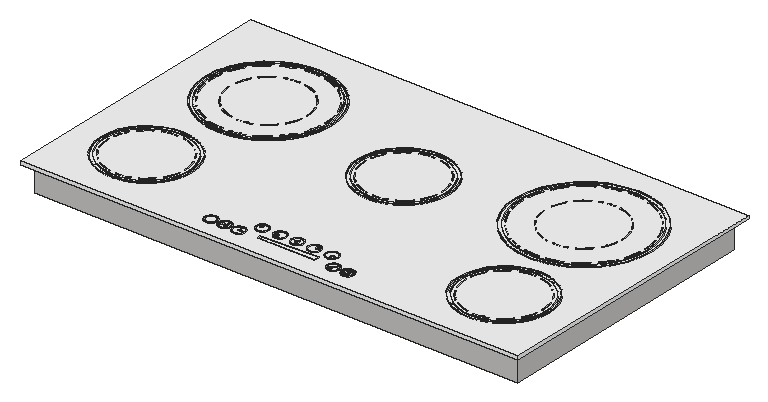
Revit family "QF_Summit_CR5B36TXW_5-Burner Radiant Cooktop", category Specialty Equipment, Revit 2020 (continued)
Automatic sketch dimensions
  plane 8 "Center X" to Extrusion 2 sketch curve = 0.79966"
  Extrusion 2 sketch curve to Extrusion 2 sketch curve = 0.36291"
  plane 8 "Center X" to Extrusion 2 sketch curve = 0.77756"
  Extrusion 2 sketch curve to Extrusion 2 sketch curve = 0.75024"
  Extrusion 2 sketch curve to Extrusion 2 sketch curve = 0.02441"
  Extrusion 2 sketch curve to Extrusion 2 sketch curve = 0.2558"
  Extrusion 2 sketch curve to Extrusion 2 sketch curve = 0.64884"
  Extrusion 2 sketch curve to Extrusion 2 sketch curve = 0.02639"
  Extrusion 2 sketch curve to Extrusion 2 sketch curve = 0.02659"
  Extrusion 2 sketch curve to Extrusion 2 sketch curve = 0.21868"
  Extrusion 2 sketch curve to Extrusion 2 sketch curve = 0.02828"
  Extrusion 2 sketch curve to Extrusion 2 sketch curve = 0.4318"
  Extrusion 2 sketch curve to Extrusion 2 sketch curve = 0.02974"
  Extrusion 2 sketch curve to Extrusion 2 sketch curve = 0.65171"
  Extrusion 2 sketch curve to Extrusion 2 sketch curve = 0.02726"
  Extrusion 2 sketch curve to Extrusion 2 sketch curve = 0.11408"
  Extrusion 2 sketch curve to Extrusion 2 sketch curve = 0.31254"
  Extrusion 2 sketch curve to Extrusion 2 sketch curve = 0.03063"
  Extrusion 2 sketch curve to Extrusion 2 sketch curve = 0.03071"
  Extrusion 2 sketch curve to Extrusion 2 sketch curve = 0.06155"
  Extrusion 2 sketch curve to Extrusion 2 sketch curve = 0.2339"
  Extrusion 2 sketch curve to Extrusion 2 sketch curve = 0.02512"
  Extrusion 2 sketch curve to Extrusion 2 sketch curve = 0.34996"
  Extrusion 2 sketch curve to Extrusion 2 sketch curve = 0.02018"
  Extrusion 2 sketch curve to Extrusion 2 sketch curve = 0.06722"  (x2)
  Extrusion 2 sketch curve to Extrusion 2 sketch curve = 0.16032"  (x2)
  Extrusion 2 sketch curve to Extrusion 2 sketch curve = 0.02712"  (x2)
  Extrusion 2 sketch curve to Extrusion 2 sketch curve = 0.3418"
  Extrusion 2 sketch curve to Extrusion 2 sketch curve = 0.01673"
  Extrusion 2 sketch curve to Extrusion 2 sketch curve = 0.39385"
  Extrusion 2 sketch curve to Extrusion 2 sketch curve = 0.01098"
  Extrusion 2 sketch curve to Extrusion 2 sketch curve = 0.33276"  (x2)
  Extrusion 2 sketch curve to Extrusion 2 sketch curve = 0.01587"  (x2)
  Extrusion 2 sketch curve to Extrusion 2 sketch curve = 0.43003"
  Extrusion 2 sketch curve to Extrusion 2 sketch curve = 1.38327"
  Extrusion 2 sketch curve to Extrusion 2 sketch curve = 0.01413"  (x2)
  Extrusion 2 sketch curve to Extrusion 2 sketch curve = 0.02865"
  Extrusion 2 sketch curve to Extrusion 2 sketch curve = 0.17947"  (x3)
  Extrusion 2 sketch curve to Extrusion 2 sketch curve = 0.02698"  (x3)
  Extrusion 2 sketch curve to Extrusion 2 sketch curve = 0.65841"  (x2)
  Extrusion 2 sketch curve to Extrusion 2 sketch curve = 0.2284"  (x2)
  Extrusion 2 sketch curve to Extrusion 2 sketch curve = 0.49064"
  Extrusion 2 sketch curve to Extrusion 2 sketch curve = 0.00579"
  Extrusion 2 sketch curve to Extrusion 2 sketch curve = 0.41626"
  Extrusion 2 sketch curve to Extrusion 2 sketch curve = 0.01532"
  Extrusion 2 sketch curve to Extrusion 2 sketch curve = 0.4319"
  Extrusion 2 sketch curve to Extrusion 2 sketch curve = 0.0106"
  Extrusion 2 sketch curve to Extrusion 2 sketch curve = 0.41338"
  Extrusion 2 sketch curve to Extrusion 2 sketch curve = 0.44536"
  Extrusion 2 sketch curve to Extrusion 2 sketch curve = 0.0053"
  Extrusion 2 sketch curve to Extrusion 2 sketch curve = 0.19892"
  Extrusion 2 sketch curve to Extrusion 2 sketch curve = 0.0293"
  Extrusion 2 sketch curve to Extrusion 2 sketch curve = 2.77589"
  Extrusion 2 sketch curve to Extrusion 2 sketch curve = 0.34485"  (x2)
  Extrusion 2 sketch curve to Extrusion 2 sketch curve = 0.01586"  (x2)
  Extrusion 2 sketch curve to Extrusion 2 sketch curve = 0.03564"  (x2)
  Extrusion 2 sketch curve to Extrusion 2 sketch curve = 0.39788"
  Extrusion 2 sketch curve to Extrusion 2 sketch curve = 0.01527"
  Extrusion 2 sketch curve to Extrusion 2 sketch curve = 0.21195"
  Extrusion 2 sketch curve to Extrusion 2 sketch curve = 0.1639"
  Extrusion 2 sketch curve to Extrusion 2 sketch curve = 0.16832"  (x3)
  Extrusion 2 sketch curve to Extrusion 2 sketch curve = 1/16"  (x5)
  Extrusion 2 sketch curve to Extrusion 2 sketch curve = 0.20933"
  Extrusion 2 sketch curve to Extrusion 2 sketch curve = 0.47402"  (x2)
  Extrusion 2 sketch curve to Extrusion 2 sketch curve = 0.44072"
  Extrusion 2 sketch curve to Extrusion 2 sketch curve = 3/16"
  Extrusion 3 sketch curve to Extrusion 5 = 0"  (x3)
  Extrusion 5 to Extrusion 3 sketch curve = 0"
  Extrusion 4 sketch curve to plane 10 = 0.36025"
  Extrusion 4 sketch curve to plane 7 "Center Y" = 0"
  Extrusion 5 sketch curve to plane 10 = 0"
  plane 9 to Extrusion 5 sketch curve = 0"
  Extrusion 5 sketch curve to plane 11 = 0"
  Extrusion 5 sketch curve to plane 11 = 1/16"
  Extrusion 5 sketch curve to plane 9 = 1/16"
  Extrusion 5 sketch curve to plane 12 = 1/16"
  Extrusion 5 sketch curve to Extrusion 5 sketch curve = 1/16"
  Extrusion 5 sketch curve to plane 10 = 1/16"
  Extrusion 6 sketch curve to Extrusion 6 sketch curve = 0"  (x168)
  plane 7 "Center Y" to Extrusion 6 sketch curve = 4.4514"
  Extrusion 6 sketch curve to Extrusion 6 sketch curve = 0.04565"  (x2)
  Extrusion 6 sketch curve to Extrusion 6 sketch curve = 0.0913"
  Extrusion 6 sketch curve to Extrusion 6 sketch curve = 0.78802"
  Extrusion 6 sketch curve to Extrusion 6 sketch curve = 0.02402"  (x2)
  Extrusion 6 sketch curve to Extrusion 6 sketch curve = 0.04403"  (x2)
  Extrusion 6 sketch curve to Extrusion 6 sketch curve = 0.16549"
  Extrusion 6 sketch curve to Extrusion 6 sketch curve = 0.19633"
  plane 7 "Center Y" to Extrusion 6 sketch curve = 2.64488"
  plane 7 "Center Y" to Extrusion 6 sketch curve = 2.48383"
  plane 7 "Center Y" to Extrusion 6 sketch curve = 2.04369"
  Extrusion 6 sketch curve to Extrusion 6 sketch curve = 0.66314"
  Extrusion 6 sketch curve to Extrusion 6 sketch curve = 0.16105"  (x3)
  Extrusion 6 sketch curve to Extrusion 6 sketch curve = 1.21949"  (x2)
  Extrusion 6 sketch curve to Extrusion 6 sketch curve = 0.60645"
  Extrusion 6 sketch curve to Extrusion 6 sketch curve = 0.49683"
  Extrusion 6 sketch curve to plane 9 = 0.8734"
  Extrusion 6 sketch curve to Extrusion 6 sketch curve = 1.04393"
  Extrusion 6 sketch curve to plane 9 = 0.90045"
  Extrusion 6 sketch curve to Extrusion 6 sketch curve = 0.30916"
  Extrusion 6 sketch curve to Extrusion 6 sketch curve = 0.01824"
  Extrusion 6 sketch curve to plane 9 = 1.19206"
  Extrusion 6 sketch curve to Extrusion 6 sketch curve = 0.0358"
  Extrusion 6 sketch curve to plane 9 = 0.80663"
  Extrusion 6 sketch curve to Extrusion 6 sketch curve = 0.05129"
  Extrusion 6 sketch curve to Extrusion 6 sketch curve = 0.77213"
  Extrusion 6 sketch curve to Extrusion 6 sketch curve = 0.12861"
  Extrusion 6 sketch curve to plane 9 = 0.87399"
  Extrusion 6 sketch curve to Extrusion 6 sketch curve = 0.02614"
  Extrusion 6 sketch curve to Extrusion 6 sketch curve = 0.01602"
  Extrusion 6 sketch curve to Extrusion 6 sketch curve = 0.23417"
  Extrusion 6 sketch curve to Extrusion 6 sketch curve = 0.76583"
  Extrusion 6 sketch curve to plane 9 = 1.25965"
  Extrusion 6 sketch curve to Extrusion 6 sketch curve = 0.43657"
  Extrusion 6 sketch curve to plane 9 = 1.69622"
  Extrusion 6 sketch curve to Extrusion 6 sketch curve = 0.16208"  (x5)
  Extrusion 6 sketch curve to plane 9 = 1.19185"
  Extrusion 6 sketch curve to Extrusion 6 sketch curve = 0.08734"
  Extrusion 6 sketch curve to Extrusion 6 sketch curve = 0.18686"
  Extrusion 6 sketch curve to Extrusion 6 sketch curve = 0.63875"
  Extrusion 6 sketch curve to Extrusion 6 sketch curve = 0.05507"
  Extrusion 6 sketch curve to Extrusion 6 sketch curve = 0.06394"
  Extrusion 6 sketch curve to Extrusion 6 sketch curve = 0.04818"
  Extrusion 6 sketch curve to Extrusion 6 sketch curve = 0.12624"
  Extrusion 6 sketch curve to Extrusion 6 sketch curve = 0.04174"
  Extrusion 6 sketch curve to Extrusion 6 sketch curve = 0.01529"
  Extrusion 6 sketch curve to Extrusion 6 sketch curve = 0.05562"
  Extrusion 6 sketch curve to Extrusion 6 sketch curve = 0.12268"
  Extrusion 6 sketch curve to Extrusion 6 sketch curve = 0.21522"
  Extrusion 6 sketch curve to Extrusion 6 sketch curve = 0.12339"
  Extrusion 6 sketch curve to Extrusion 6 sketch curve = 0.17157"
  Extrusion 6 sketch curve to Extrusion 6 sketch curve = 0.32054"
  Extrusion 6 sketch curve to Extrusion 6 sketch curve = 1/16"  (x2)
  Extrusion 6 sketch curve to Extrusion 6 sketch curve = 0.16579"
  Extrusion 6 sketch curve to Extrusion 6 sketch curve = 1/32"  (x8)
  plane 7 "Center Y" to Extrusion 6 sketch curve = 2.91252"
  Extrusion 6 sketch curve to Extrusion 6 sketch curve = 0.13534"  (x5)
  Extrusion 6 sketch curve to Extrusion 6 sketch curve = 0.26764"
  Extrusion 6 sketch curve to Extrusion 6 sketch curve = 0.36211"  (x2)
  Extrusion 6 sketch curve to Extrusion 6 sketch curve = 0.40695"
  Extrusion 6 sketch curve to Extrusion 6 sketch curve = 0.1013"
  Extrusion 6 sketch curve to Extrusion 6 sketch curve = 0.1368"
  Extrusion 6 sketch curve to Extrusion 6 sketch curve = 0.14262"
  curve 5 to curve 7 = 0"  (x2)
  curve 5 to curve 9 = 0"  (x2)
  curve 5 to curve 11 = 0"  (x2)
  curve 5 to curve 13 = 0"  (x2)
  curve 5 to curve 15 = 0"  (x2)
  curve 5 to curve 17 = 0"  (x2)
  curve 5 to curve 19 = 0"  (x2)
  curve 5 to curve 21 = 0"  (x2)
  curve 5 to curve 23 = 0"  (x2)
  curve 5 to curve 25 = 0"  (x2)
  curve 5 to curve 27 = 0"  (x2)
  curve 5 to curve 29 = 0"  (x2)
  curve 5 to curve 31 = 0"  (x2)
  curve 5 to curve 33 = 0"  (x2)
  curve 5 to curve 35 = 0"  (x2)
  curve 5 to curve 37 = 0"  (x2)
  curve 5 to curve 39 = 0"  (x2)
  curve 5 to curve 41 = 0"  (x2)
  curve 5 to curve 43 = 0"  (x2)
  curve 5 to curve 45 = 0"  (x2)
  curve 5 to curve 47 = 0"
  curve 5 to curve 49 = 0"  (x2)
  curve 5 to curve 51 = 0"  (x2)
  curve 5 to curve 53 = 0"  (x2)
  curve 5 to curve 55 = 0"  (x2)
  curve 5 to curve 57 = 0"  (x2)
  curve 5 to curve 59 = 0"  (x2)
  curve 5 to curve 61 = 0"  (x2)
  curve 5 to curve 63 = 0"  (x2)
  curve 5 to curve 65 = 0"  (x2)
  curve 5 to curve 67 = 0"  (x2)
  curve 5 to curve 69 = 0"  (x2)
  curve 5 to curve 71 = 0"  (x2)
  curve 5 to curve 73 = 0"  (x2)
  curve 5 to curve 75 = 0"  (x2)
  curve 5 to curve 77 = 0"  (x2)
  curve 5 to curve 79 = 0"  (x2)
  curve 5 to curve 81 = 0"
  curve 5 to curve 83 = 0"
  curve 5 to curve 85 = 0"
  curve 5 to curve 87 = 0"
  curve 5 to curve 89 = 0"
  curve 5 to curve 91 = 0"
  curve 5 to curve 93 = 0"
  curve 5 to curve 95 = 0"
  curve 5 to curve 97 = 0"
  curve 5 to curve 99 = 0"
  curve 5 to curve 101 = 0"
  curve 5 to curve 103 = 0"
  curve 5 to curve 105 = 0"
  curve 5 to curve 107 = 0"
  curve 5 to curve 109 = 0"
  curve 5 to curve 111 = 0"
  curve 5 to curve 113 = 0"
  curve 5 to curve 115 = 0"
  curve 5 to curve 117 = 0"
  curve 5 to curve 119 = 0"
  curve 5 to curve 121 = 0"
  curve 5 to curve 123 = 0"
  curve 5 to curve 125 = 0"
  curve 5 to curve 127 = 0"
  curve 79 to curve 127 = 0"
  curve 81 to curve 83 = 0"
  curve 81 to curve 85 = 0"
  curve 81 to curve 87 = 0"
  curve 81 to curve 89 = 0"
  curve 81 to curve 91 = 0"
  curve 81 to curve 93 = 0"
  curve 81 to curve 95 = 0"
  curve 81 to curve 97 = 0"
  curve 81 to curve 99 = 0"
  curve 81 to curve 101 = 0"
  curve 81 to curve 105 = 0"
  curve 81 to curve 107 = 0"
  curve 81 to curve 109 = 0"
  curve 81 to curve 111 = 0"
  curve 81 to curve 113 = 0"
  curve 81 to curve 115 = 0"
  curve 81 to curve 117 = 0"
  curve 81 to curve 119 = 0"
  curve 81 to curve 121 = 0"
  curve 81 to curve 123 = 0"
  curve 81 to curve 125 = 0"
  curve 81 to curve 127 = 0"
  curve 129 to curve 131 = 0"  (x2)
  curve 129 to curve 133 = 0"  (x2)
  curve 129 to curve 135 = 0"  (x2)
  curve 129 to curve 137 = 0"  (x2)
  curve 129 to curve 139 = 0"  (x2)
  curve 129 to curve 141 = 0"  (x2)
  curve 129 to curve 143 = 0"  (x2)
  curve 129 to curve 145 = 0"  (x2)
  curve 129 to curve 147 = 0"  (x2)
  curve 129 to curve 149 = 0"  (x2)
  curve 129 to curve 151 = 0"  (x2)
  curve 129 to curve 153 = 0"  (x2)
  curve 129 to curve 155 = 0"  (x2)
  curve 129 to curve 157 = 0"  (x2)
  curve 129 to curve 159 = 0"  (x2)
  curve 129 to curve 161 = 0"  (x2)
  curve 129 to curve 163 = 0"  (x2)
  curve 129 to curve 165 = 0"  (x2)
  curve 129 to curve 167 = 0"  (x2)
  curve 129 to curve 169 = 0"  (x2)
  curve 129 to curve 171 = 0"  (x2)
  curve 129 to curve 173 = 0"  (x2)
  curve 129 to curve 175 = 0"  (x2)
  curve 129 to curve 177 = 0"  (x2)
  curve 129 to curve 179 = 0"  (x2)
  curve 129 to curve 181 = 0"  (x2)
  curve 129 to curve 183 = 0"  (x2)
  curve 185 to curve 187 = 0"  (x2)
  curve 185 to curve 189 = 0"  (x2)
  curve 185 to curve 191 = 0"
  curve 185 to curve 193 = 0"
  curve 185 to curve 195 = 0"
  curve 185 to curve 197 = 0"
  curve 185 to curve 199 = 0"
  curve 185 to curve 201 = 0"
  curve 185 to curve 203 = 0"
  curve 185 to curve 205 = 0"
  curve 185 to curve 207 = 0"
  curve 185 to curve 213 = 0"
  curve 185 to curve 215 = 0"
  curve 185 to curve 217 = 0"
  curve 185 to curve 219 = 0"
  curve 185 to curve 221 = 0"
  curve 185 to curve 223 = 0"
  curve 185 to curve 225 = 0"
  curve 185 to curve 227 = 0"
  curve 185 to curve 229 = 0"
  curve 185 to curve 231 = 0"
  curve 185 to curve 233 = 0"
  curve 185 to curve 235 = 0"
  curve 185 to curve 237 = 0"
  curve 185 to curve 239 = 0"
  curve 185 to curve 241 = 0"
  curve 185 to curve 243 = 0"
  curve 185 to curve 245 = 0"
  curve 185 to curve 247 = 0"
  curve 185 to curve 249 = 0"
  curve 185 to curve 251 = 0"
  curve 185 to curve 253 = 0"
  curve 185 to curve 255 = 0"
  curve 185 to curve 257 = 0"
  curve 185 to curve 259 = 0"
  curve 185 to curve 261 = 0"
  curve 185 to curve 263 = 0"
  curve 185 to curve 265 = 0"
  curve 185 to curve 267 = 0"
  curve 185 to curve 269 = 0"  (x2)
  curve 185 to curve 271 = 0"  (x2)
  curve 185 to curve 273 = 0"  (x2)
  curve 185 to curve 275 = 0"  (x2)
  curve 185 to curve 277 = 0"  (x2)
  curve 185 to curve 279 = 0"  (x2)
  curve 185 to curve 281 = 0"  (x2)
  curve 185 to curve 283 = 0"  (x2)
  curve 185 to curve 285 = 0"  (x2)
  curve 185 to curve 287 = 0"
  curve 185 to curve 289 = 0"  (x2)
  curve 185 to curve 291 = 0"  (x2)
  curve 185 to curve 293 = 0"  (x2)
  curve 185 to curve 295 = 0"  (x2)
  curve 185 to curve 297 = 0"  (x2)
  curve 185 to curve 299 = 0"  (x2)
  curve 185 to curve 301 = 0"  (x2)
  curve 185 to curve 303 = 0"  (x2)
  curve 185 to curve 305 = 0"  (x2)
  curve 185 to curve 307 = 0"  (x2)
  curve 185 to curve 309 = 0"  (x2)
  curve 185 to curve 311 = 0"  (x2)
  curve 189 to curve 191 = 0"
  curve 189 to curve 193 = 0"
  curve 189 to curve 195 = 0"
  curve 189 to curve 197 = 0"
  curve 189 to curve 199 = 0"
  curve 189 to curve 201 = 0"
  curve 189 to curve 203 = 0"
  curve 189 to curve 205 = 0"
  curve 189 to curve 207 = 0"
  curve 189 to curve 209 = 0"
  curve 189 to curve 211 = 0"
  curve 189 to curve 213 = 0"
  curve 189 to curve 215 = 0"
  curve 189 to curve 217 = 0"
  curve 189 to curve 219 = 0"
  curve 189 to curve 221 = 0"
  curve 189 to curve 223 = 0"
  curve 189 to curve 225 = 0"
  curve 189 to curve 227 = 0"
  curve 189 to curve 229 = 0"
  curve 189 to curve 231 = 0"
  curve 189 to curve 233 = 0"
  curve 189 to curve 235 = 0"
  curve 189 to curve 237 = 0"
  curve 189 to curve 239 = 0"
  curve 189 to curve 241 = 0"
  curve 189 to curve 243 = 0"
  curve 189 to curve 245 = 0"
  curve 189 to curve 247 = 0"
  curve 189 to curve 249 = 0"
  curve 189 to curve 251 = 0"
  curve 189 to curve 253 = 0"
  curve 189 to curve 255 = 0"
  curve 189 to curve 257 = 0"
  curve 189 to curve 259 = 0"
  curve 189 to curve 261 = 0"
  curve 189 to curve 263 = 0"
  curve 192 to curve 211 = 0"
  curve 209 to curve 211 = 0"
  curve 209 to curve 265 = 0"
  curve 209 to curve 267 = 0"
  curve 314 to curve 367 = 0"  (x2)
  curve 316 to curve 367 = 0"  (x2)
  curve 318 to curve 367 = 0"  (x2)
  curve 320 to curve 367 = 0"  (x2)
  curve 321 to curve 367 = 0"  (x2)
  curve 323 to curve 367 = 0"  (x2)
  curve 325 to curve 367 = 0"  (x2)
  curve 327 to curve 367 = 0"  (x2)
  curve 329 to curve 367 = 0"  (x2)
  curve 331 to curve 367 = 0"  (x2)
  curve 333 to curve 367 = 0"  (x2)
  curve 335 to curve 367 = 0"  (x2)
  curve 337 to curve 367 = 0"  (x2)
  curve 339 to curve 367 = 0"  (x2)
  curve 341 to curve 367 = 0"  (x2)
  curve 343 to curve 367 = 0"  (x2)
  curve 345 to curve 367 = 0"  (x2)
  curve 347 to curve 367 = 0"  (x2)
  curve 349 to curve 367 = 0"  (x2)
  curve 351 to curve 367 = 0"  (x2)
  curve 353 to curve 367 = 0"  (x2)
  curve 355 to curve 367 = 0"  (x2)
  curve 357 to curve 367 = 0"  (x2)
  curve 359 to curve 367 = 0"  (x2)
  curve 361 to curve 367 = 0"  (x2)
  curve 363 to curve 367 = 0"  (x2)
  curve 365 to curve 367 = 0"  (x2)
  curve 370 to curve 423 = 0"  (x2)
  curve 372 to curve 423 = 0"  (x2)
  curve 374 to curve 423 = 0"  (x2)
  curve 376 to curve 423 = 0"  (x2)
  curve 377 to curve 423 = 0"  (x2)
  curve 379 to curve 423 = 0"  (x2)
  curve 381 to curve 423 = 0"  (x2)
  curve 383 to curve 423 = 0"  (x2)
  curve 385 to curve 423 = 0"  (x2)
  curve 387 to curve 423 = 0"  (x2)
  curve 389 to curve 423 = 0"  (x2)
  curve 391 to curve 423 = 0"  (x2)
  curve 393 to curve 423 = 0"  (x2)
  curve 395 to curve 423 = 0"  (x2)
  curve 397 to curve 423 = 0"  (x2)
  curve 399 to curve 423 = 0"  (x2)
  curve 401 to curve 423 = 0"  (x2)
  curve 403 to curve 423 = 0"  (x2)
  curve 405 to curve 423 = 0"  (x2)
  curve 407 to curve 423 = 0"  (x2)
  curve 409 to curve 423 = 0"  (x2)
  curve 411 to curve 423 = 0"  (x2)
  curve 413 to curve 423 = 0"  (x2)
  curve 415 to curve 423 = 0"  (x2)
  curve 417 to curve 423 = 0"  (x2)
  curve 419 to curve 423 = 0"  (x2)
  curve 421 to curve 423 = 0"  (x2)
  curve 1 to plane 3 "LEFT" = 0"
  curve 318 to plane 7 "Center Y" = 0"
  plane 1 "BACK" to curve 3 = 0"
  curve 3 to plane 4 "RIGHT" = 0"
  plane 5 "FRONT" to curve 1 = 0"
  curve 144 to plane 11 = 1 187/256"
  curve 141 to curve 144 = 1/32"
  curve 144 to curve 138 = 0.00839"
  curve 137 to curve 138 = 0.0308"
  curve 143 to curve 142 = 0.13763"
  curve 142 to curve 142 = 0.02935"
  curve 14 to plane 11 = 1.965"
  curve 13 to curve 14 = 0.03131"
  curve 15 to curve 80 = 0.03084"
  curve 14 to curve 16 = 0.0414"
  curve 77 to curve 80 = 0.03071"
  curve 13 to curve 16 = 0.03063"
  curve 143 to curve 148 = 0.15555"
  curve 148 to curve 148 = 0.02726"
  curve 138 to curve 140 = 0.31317"
  curve 137 to curve 140 = 0.02693"
  curve 16 to curve 18 = 0.08434"
  curve 18 to curve 18 = 0.02974"
  plane 8 "Center X" to curve 78 = 1.99032"
  curve 79 to curve 78 = 0.28425"
  plane 8 "Center X" to curve 78 = 2.00361"
  curve 77 to curve 78 = 0.02828"
  curve 139 to curve 182 = 0.22941"
  curve 181 to curve 182 = 0.02404"
  curve 79 to curve 76 = 0.19209"
  curve 18 to curve 20 = 0.40541"
  curve 73 to curve 76 = 0.02659"
  curve 17 to curve 20 = 0.02639"
  curve 146 to plane 9 = 2.21645"
  curve 147 to curve 146 = 0.62951"
  curve 145 to curve 146 = 0.0222"  (x2)
  curve 20 to curve 22 = 0.23139"
  curve 22 to curve 22 = 0.02441"
  curve 147 to curve 152 = 0.32095"
  curve 149 to curve 152 = 0.01601"
  curve 182 to curve 184 = 0.71045"
  curve 181 to curve 184 = 0.01578"
  plane 8 "Center X" to curve 74 = 0.77756"
  curve 75 to curve 74 = 0.62674"
  plane 8 "Center X" to curve 74 = 0.79966"
  curve 73 to curve 74 = 0.0221"
  curve 15 to curve 128 = 1.27517"
  curve 125 to curve 128 = 0.03131"
  curve 128 to curve 82 = 0.00828"
  curve 81 to curve 82 = 0.03074"
  plane 8 "Center X" to curve 126 = 2.78889"
  curve 127 to curve 126 = 0.12451"
  plane 8 "Center X" to curve 126 = 2.79942"
  curve 125 to curve 126 = 0.02942"
  curve 183 to curve 178 = 0.42666"
  curve 177 to curve 178 = 0.01079"
  plane 8 "Center X" to curve 72 = 0.46768"
  curve 75 to curve 72 = 0.34417"
  plane 8 "Center X" to curve 72 = 0.49268"
  curve 69 to curve 72 = 0.01874"
  curve 22 to curve 24 = 0.73165"
  curve 127 to curve 124 = 0.16275"
  curve 24 to curve 24 = 0.01859"
  curve 121 to curve 124 = 0.02724"
  curve 82 to curve 84 = 0.30568"
  curve 81 to curve 84 = 0.02692"
  curve 83 to curve 86 = 0.22019"
  curve 86 to curve 86 = 0.02411"
  curve 23 to curve 26 = 0.38141"
  curve 25 to curve 26 = 0.01551"
  curve 150 to plane 9 = 1.6154"
  curve 151 to curve 150 = 0.98255"
  curve 150 to plane 9 = 1.64629"
  curve 150 to curve 150 = 0.00477"
  plane 8 "Center X" to curve 122 = 1.60015"
  curve 123 to curve 122 = 0.61312"
  plane 8 "Center X" to curve 122 = 1.62419"
  curve 121 to curve 122 = 0.01996"
  curve 70 to plane 8 "Center X" = 0.04825"
  curve 71 to curve 70 = 0.89654"
  curve 146 to curve 136 = 1.74307"
  curve 70 to plane 8 "Center X" = 0.01927"
  curve 151 to curve 156 = 0.42951"
  curve 178 to curve 180 = 0.97809"
  plane 8 "Center X" to curve 120 = 1.35084"
  curve 123 to curve 120 = 0.33367"
  plane 8 "Center X" to curve 120 = 1.37772"
  curve 117 to curve 120 = 0.01594"
  curve 87 to curve 88 = 0.7319"
  curve 88 to curve 88 = 0.01552"
  curve 68 to plane 8 "Center X" = 0.18633"
  curve 71 to curve 68 = 0.38987"
  curve 68 to plane 8 "Center X" = 0.15628"
  curve 65 to curve 68 = 0.0086"
  curve 28 to plane 10 = 1.99876"
  curve 26 to curve 28 = 0.90867"
  curve 28 to plane 10 = 2.02886"
  curve 25 to curve 28 = 0.00839"
  curve 174 to plane 8 "Center X" = 2.56628"
  curve 180 to curve 174 = 0.46522"
  curve 174 to plane 8 "Center X" = 2.53554"
  curve 174 to curve 174 = 0.00564"
  curve 87 to curve 92 = 0.38892"
  curve 92 to curve 92 = 0.01092"
  curve 30 to plane 10 = 1.89637"
  curve 27 to curve 30 = 0.46739"
  curve 30 to plane 10 = 1.92726"
  curve 30 to curve 30 = 0.00473"
  curve 154 to plane 9 = 1.78547"
  curve 155 to curve 154 = 0.94381"
  curve 154 to plane 9 = 1.75617"
  curve 155 to curve 154 = 0.01087"
  plane 8 "Center X" to curve 118 = 1.00707"
  plane 8 "Center X" to curve 118 = 1.03785"
  curve 160 to plane 9 = 1 63/64"
  curve 155 to curve 160 = 0.4222"
  curve 176 to plane 8 "Center X" = 2.89982"
  curve 174 to curve 176 = 0.89585"
  curve 160 to plane 9 = 1.95735"
  curve 160 to curve 160 = 0.01567"
  curve 176 to plane 8 "Center X" = 2.87288"
  curve 66 to plane 8 "Center X" = 0.31159"
  curve 119 to curve 116 = 0.44804"
  curve 92 to curve 90 = 1.01341"
  curve 175 to curve 170 = 0.35772"
  curve 170 to plane 8 "Center X" = 3.12822"
  curve 171 to curve 170 = 0.0222"
  curve 64 to plane 8 "Center X" = 0.29472"
  curve 67 to curve 64 = 0.41987"
  curve 64 to plane 8 "Center X" = 0.32583"
  curve 63 to curve 64 = 0.00288"
  curve 32 to plane 10 = 1.9049"
  curve 32 to plane 10 = 1.87384"
  curve 96 to plane 10 = 3.2268"
  curve 90 to curve 96 = 0.38206"
  curve 96 to plane 10 = 3.19597"
  curve 93 to curve 96 = 0.00512"
  curve 158 to plane 9 = 2.59847"
  curve 158 to plane 9 = 2.57629"
  curve 34 to plane 10 = 1.97204"
  curve 31 to curve 34 = 0.41256"
  curve 34 to plane 10 = 1.9415"
  curve 35 to curve 34 = 0.00661"
  curve 164 to plane 9 = 2.9728"
  curve 159 to curve 164 = 0.26321"
  curve 170 to curve 172 = 0.64469"
  curve 164 to plane 9 = 2 245/256"
  curve 163 to curve 164 = 0.02697"
  curve 172 to plane 8 "Center X" = 3.90706"
  plane 8 "Center X" to curve 114 = 1.16104"
  curve 115 to curve 114 = 0.94818"
  plane 8 "Center X" to curve 114 = 1.13167"
  curve 115 to curve 114 = 0.01068"
  curve 171 to curve 166 = 0.19267"
  curve 166 to curve 166 = 0.02944"
  curve 162 to plane 9 = 3.89338"
  curve 162 to plane 9 = 3.88808"
  curve 163 to curve 168 = 0.0397"
  curve 167 to curve 168 = 1/32"
  plane 8 "Center X" to curve 112 = 1.35537"
  curve 115 to curve 112 = 0.41946"
  plane 8 "Center X" to curve 112 = 1.32823"
  curve 112 to curve 112 = 0.0155"
  curve 94 to plane 10 = 3.56584"
  curve 94 to plane 10 = 3.53891"
  curve 62 to plane 8 "Center X" = 0.05229"
  curve 62 to plane 8 "Center X" = 0.08153"
  curve 100 to plane 10 = 3.79198"
  curve 93 to curve 100 = 0.3269"
  curve 100 to plane 10 = 3.76764"
  curve 97 to curve 100 = 0.01961"
  plane 8 "Center X" to curve 60 = 0.11404"
  curve 63 to curve 60 = 0.38009"
  plane 8 "Center X" to curve 60 = 0.08609"
  curve 60 to curve 60 = 0.01399"
  curve 36 to plane 10 = 2.32914"
  curve 36 to plane 10 = 2.30136"
  plane 8 "Center X" to curve 110 = 1.97282"
  plane 8 "Center X" to curve 110 = 1.95063"
  curve 40 to plane 10 = 2.56745"
  curve 35 to curve 40 = 0.40266"
  curve 40 to plane 10 = 2.54153"
  curve 40 to curve 40 = 0.01745"
  plane 8 "Center X" to curve 108 = 2.34492"
  curve 111 to curve 108 = 0.26138"
  curve 98 to plane 10 = 4.58096"
  plane 8 "Center X" to curve 108 = 2.32916"
  curve 108 to curve 108 = 0.02698"
  curve 98 to plane 10 = 4.5657"
  curve 98 to curve 104 = 0.17127"
  curve 101 to curve 104 = 0.02924"
  plane 8 "Center X" to curve 58 = 0.67565"
  plane 8 "Center X" to curve 58 = 0.65349"
  plane 8 "Center X" to curve 106 = 3.27266"
  plane 8 "Center X" to curve 106 = 3.26756"
  curve 107 to curve 102 = 0.03642"
  curve 101 to curve 102 = 1/32"
  plane 8 "Center X" to curve 56 = 1.00099"
  curve 59 to curve 56 = 0.33335"
  curve 38 to plane 10 = 3.19784"
  plane 8 "Center X" to curve 56 = 0.97887"
  curve 56 to curve 56 = 0.02212"
  curve 38 to plane 10 = 3.17572"
  curve 44 to plane 10 = 3.56102"
  curve 38 to curve 44 = 0.29386"
  curve 44 to plane 10 = 3.54281"
  curve 41 to curve 44 = 0.02539"
  plane 8 "Center X" to curve 54 = 1.82387"
  plane 8 "Center X" to curve 54 = 1.80919"
  plane 8 "Center X" to curve 50 = 2.25844"
  curve 55 to curve 50 = 0.19913"
  curve 42 to plane 10 = 4.46629"
  plane 8 "Center X" to curve 50 = 2.24713"
  curve 49 to curve 50 = 0.02913"
  curve 42 to plane 10 = 4.4551"
  curve 42 to curve 48 = 0.14108"
  curve 48 to curve 48 = 0.03027"
  plane 8 "Center X" to curve 52 = 3.26773"
  curve 49 to curve 46 = 0.02504"
  plane 8 "Center X" to curve 52 = 3.26425"
  curve 45 to curve 46 = 1/32"
  plane 8 "Center X" to curve 328 = 1.75206"
  curve 328 to plane 7 "Center Y" = 2.77582"
  curve 325 to curve 328 = 1/32"
  curve 328 to curve 322 = 0.00839"
  curve 321 to curve 322 = 0.0308"
  plane 8 "Center X" to curve 326 = 0.7623"
  curve 327 to curve 326 = 0.13763"
  plane 8 "Center X" to curve 326 = 0.77304"
  plane 8 "Center X" to curve 332 = 0.35989"
  curve 327 to curve 332 = 0.15555"
  plane 8 "Center X" to curve 332 = 0.37516"
  curve 329 to curve 332 = 0.02726"
  curve 323 to curve 324 = 0.31317"
  curve 321 to curve 324 = 0.02693"
  curve 323 to curve 366 = 0.22941"
  curve 365 to curve 366 = 0.02404"
  curve 330 to plane 8 "Center X" = 0.42608"
  curve 330 to plane 8 "Center X" = 0.40388"
  curve 336 to plane 8 "Center X" = 0.6677"
  curve 331 to curve 336 = 0.32095"
  curve 336 to plane 8 "Center X" = 0.64087"
  curve 333 to curve 336 = 0.01601"
  curve 367 to curve 368 = 0.71045"
  curve 365 to curve 368 = 0.01578"
  curve 367 to curve 362 = 0.42666"
  curve 361 to curve 362 = 0.01079"
  curve 334 to plane 7 "Center Y" = 0.42356"
  curve 333 to curve 334 = 0.00477"
  plane 7 "Center Y" to curve 340 = 0.01071"
  plane 7 "Center Y" to curve 364 = 0.02994"
  curve 363 to curve 358 = 0.46522"
  curve 359 to curve 358 = 0.00564"
  plane 7 "Center Y" to curve 338 = 0.95452"
  curve 339 to curve 338 = 0.01087"
  curve 344 to plane 8 "Center X" = 0.65815"
  curve 339 to curve 344 = 0.4222"
  curve 359 to curve 360 = 0.89585"
  curve 344 to plane 8 "Center X" = 0.68519"
  curve 343 to curve 344 = 0.01567"
  curve 359 to curve 360 = 0.01584"
  curve 359 to curve 354 = 0.35772"
  curve 355 to curve 354 = 0.0222"
  curve 342 to plane 8 "Center X" = 0.04406"
  curve 342 to plane 8 "Center X" = 0.06624"
  plane 8 "Center X" to curve 348 = 0.33027"
  curve 343 to curve 348 = 0.26321"
  curve 355 to curve 356 = 0.64469"
  plane 8 "Center X" to curve 348 = 0.31449"
  curve 347 to curve 348 = 0.02697"
  curve 355 to curve 356 = 0.02725"
  curve 355 to curve 350 = 0.19267"
  curve 351 to curve 350 = 0.02944"
  plane 8 "Center X" to curve 346 = 1.25085"
  plane 8 "Center X" to curve 346 = 1.24555"
  curve 347 to curve 352 = 0.0397"
  curve 351 to curve 352 = 1/32"
  curve 349 to curve 196 = 4.22674"
  curve 196 to curve 198 = 0.02781"
  curve 193 to curve 196 = 1/32"
  curve 197 to curve 198 = 0.03105"
  plane 8 "Center X" to curve 194 = 2.65614"
  curve 195 to curve 194 = 0.09801"
  plane 8 "Center X" to curve 194 = 2.66365"
  plane 8 "Center X" to curve 264 = 2.22116"
  curve 195 to curve 264 = 13/128"
  curve 200 to plane 10 = 4.36074"
  curve 198 to curve 200 = 0.22183"
  plane 8 "Center X" to curve 264 = 2.23176"
  curve 261 to curve 264 = 0.0294"
  curve 200 to plane 10 = 4.37171"
  curve 200 to curve 200 = 0.02926"
  curve 200 to curve 202 = 0.1476"
  curve 202 to curve 202 = 0.02801"
  plane 8 "Center X" to curve 262 = 1.25315"
  curve 263 to curve 262 = 0.46165"
  plane 8 "Center X" to curve 262 = 1.27061"
  plane 8 "Center X" to curve 260 = 0.87399"
  curve 263 to curve 260 = 0.26041"
  curve 204 to plane 10 = 3.06292"
  curve 202 to curve 204 = 0.55615"
  plane 8 "Center X" to curve 260 = 0.89617"
  curve 260 to curve 260 = 0.02218"
  curve 204 to plane 10 = 3.0831"
  curve 201 to curve 204 = 0.02386"
  curve 206 to plane 10 = 2.71296"
  curve 204 to curve 206 = 0.30639"
  curve 206 to plane 10 = 2.73507"
  curve 205 to curve 206 = 0.0221"
  curve 195 to curve 312 = 1.63193"
  curve 309 to curve 312 = 0.03131"
  plane 8 "Center X" to curve 306 = 4.21065"
  curve 312 to curve 306 = 0.00828"
  plane 8 "Center X" to curve 306 = 4.20503"
  curve 305 to curve 306 = 0.03074"
  plane 8 "Center X" to curve 310 = 2.78889"
  curve 311 to curve 310 = 0.12451"
  plane 8 "Center X" to curve 258 = 0.13817"
  curve 259 to curve 258 = 0.77257"
  plane 8 "Center X" to curve 310 = 2.79942"
  plane 8 "Center X" to curve 258 = 0.16354"
  plane 8 "Center X" to curve 266 = 2.36784"
  curve 311 to curve 266 = 0.16275"
  plane 8 "Center X" to curve 266 = 2.38316"
  curve 265 to curve 266 = 0.02724"
  curve 308 to plane 10 = 4.51189"
  curve 308 to plane 10 = 4.52776"
  curve 208 to plane 10 = 2.08978"
  curve 208 to plane 10 = 2.11686"
  curve 256 to plane 8 "Center X" = 0.11309"
  curve 259 to curve 256 = 0.37289"
  curve 256 to plane 8 "Center X" = 11/128"
  curve 256 to curve 256 = 0.01548"
  curve 308 to curve 302 = 0.22019"
  curve 301 to curve 302 = 0.02411"
  curve 212 to plane 10 = 1.86895"
  curve 208 to curve 212 = 0.42213"
  plane 8 "Center X" to curve 268 = 1.60015"
  curve 212 to plane 10 = 1.89759"
  curve 209 to curve 212 = 0.0125"
  plane 8 "Center X" to curve 268 = 1.62419"
  plane 8 "Center X" to curve 272 = 1.35084"
  curve 267 to curve 272 = 0.33367"
  plane 8 "Center X" to curve 272 = 1.37772"
  curve 272 to curve 272 = 0.01594"
  curve 302 to curve 304 = 0.7319"
  curve 304 to curve 304 = 0.01552"
  curve 253 to curve 384 = 0.90531"
  curve 384 to curve 384 = 1/32"
  curve 384 to curve 378 = 0.00839"
  curve 254 to plane 8 "Center X" = 0.52297"
  curve 377 to curve 378 = 0.0308"
  curve 254 to plane 8 "Center X" = 0.49291"
  curve 382 to plane 9 = 3.40483"
  curve 383 to curve 382 = 0.13763"
  curve 382 to plane 9 = 3.41557"
  curve 382 to curve 382 = 0.02935"
  curve 298 to plane 10 = 3.3323"
  curve 303 to curve 298 = 0.38892"
  curve 298 to plane 10 = 3.36158"
  curve 297 to curve 298 = 0.01092"
  curve 383 to curve 388 = 0.15555"
  curve 385 to curve 388 = 0.02726"
  curve 380 to plane 8 "Center X" = 3.85757"
  curve 378 to curve 380 = 0.31317"
  curve 380 to plane 8 "Center X" = 3.87343"
  curve 380 to curve 380 = 0.02693"
  curve 252 to plane 8 "Center X" = 0.6248"
  curve 255 to curve 252 = 0.4339"
  curve 252 to plane 8 "Center X" = 0.59403"
  curve 252 to curve 252 = 0.00543"
  curve 210 to plane 10 = 1.56337"
  curve 210 to plane 10 = 1.59417"
  curve 380 to curve 422 = 0.22941"
  curve 421 to curve 422 = 0.02404"
  plane 8 "Center X" to curve 270 = 1.00707"
  plane 8 "Center X" to curve 270 = 1.03785"
  curve 214 to plane 10 = 1.50926"
  curve 211 to curve 214 = 0.46186"
  curve 214 to plane 10 = 1.54045"
  curve 213 to curve 214 = 0.00193"
  curve 386 to plane 9 = 2.21645"
  curve 387 to curve 386 = 0.62951"
  curve 386 to plane 9 = 2.23865"
  curve 385 to curve 386 = 0.0222"
  curve 271 to curve 276 = 0.44804"
  curve 298 to curve 300 = 1.01341"
  curve 392 to plane 9 = 1.97483"
  curve 386 to curve 392 = 0.32095"
  curve 392 to plane 9 = 2.00167"
  curve 389 to curve 392 = 0.01601"
  curve 424 to plane 8 "Center X" = 2.86967"
  curve 423 to curve 424 = 0.71045"
  curve 424 to plane 8 "Center X" = 2.89665"
  curve 424 to curve 424 = 0.01578"
  curve 250 to plane 8 "Center X" = 0.649"
  curve 300 to curve 294 = 0.38206"
  curve 294 to curve 294 = 0.00512"
  curve 424 to curve 418 = 0.42666"
  curve 417 to curve 418 = 0.01079"
  curve 248 to plane 8 "Center X" = 0.59392"
  curve 251 to curve 248 = 0.44241"
  curve 248 to plane 8 "Center X" = 0.62469"
  curve 247 to curve 248 = 0.00544"
  curve 216 to plane 10 = 1.60246"
  curve 216 to plane 10 = 1.57171"
  plane 8 "Center X" to curve 274 = 1.16104"
  curve 275 to curve 274 = 0.94818"
  plane 8 "Center X" to curve 274 = 1.13167"
  curve 274 to curve 274 = 0.01068"
  curve 390 to plane 9 = 1.6154"
  curve 391 to curve 390 = 0.98255"
  curve 390 to plane 9 = 1.64629"
  curve 218 to plane 10 = 1.70955"
  curve 215 to curve 218 = 0.4519"
  curve 218 to plane 10 = 1.67956"
  curve 218 to curve 218 = 0.00881"
  plane 8 "Center X" to curve 280 = 1.35537"
  curve 275 to curve 280 = 0.41946"
  plane 8 "Center X" to curve 280 = 1.32823"
  curve 279 to curve 280 = 0.0155"
  curve 294 to curve 296 = 0.9339"
  curve 296 to curve 296 = 0.01585"
  curve 391 to curve 396 = 0.42951"
  curve 418 to curve 420 = 0.97809"
  curve 296 to curve 290 = 0.3269"
  curve 290 to curve 290 = 0.01961"
  curve 246 to plane 8 "Center X" = 0.28716"
  curve 246 to plane 8 "Center X" = 0.31574"
  curve 419 to curve 414 = 0.46522"
  curve 414 to curve 414 = 0.00564"
  plane 8 "Center X" to curve 278 = 1.97282"
  plane 8 "Center X" to curve 278 = 1.95063"
  curve 244 to plane 8 "Center X" = 0.07951"
  curve 247 to curve 244 = 105/256"
  curve 244 to plane 8 "Center X" = 0.10661"
  curve 244 to curve 244 = 0.01556"
  curve 220 to plane 10 = 2.14081"
  curve 220 to plane 10 = 2.11391"
  curve 279 to curve 284 = 0.26138"
  curve 290 to curve 292 = 0.6664"
  curve 284 to curve 284 = 0.02698"
  curve 291 to curve 292 = 0.02727"
  curve 395 to curve 394 = 0.94381"
  curve 394 to plane 9 = 1.75617"
  curve 394 to curve 394 = 0.01087"
  curve 291 to curve 286 = 0.17127"
  curve 219 to curve 222 = 0.33577"
  curve 287 to curve 286 = 0.02924"
  curve 222 to curve 222 = 0.02238"
  curve 283 to curve 282 = 0.33471"
  curve 282 to curve 282 = 0.03083"
  curve 283 to curve 288 = 0.03642"
  curve 287 to curve 288 = 1/32"
  curve 394 to curve 400 = 0.4222"
  curve 414 to curve 416 = 0.89585"
  curve 400 to curve 400 = 0.01567"
  curve 415 to curve 416 = 0.01584"
  plane 8 "Center X" to curve 242 = 139/256"
  plane 8 "Center X" to curve 242 = 0.52088"
  curve 415 to curve 410 = 0.35772"
  curve 410 to curve 410 = 0.0222"
  plane 8 "Center X" to curve 240 = 0.88435"
  curve 243 to curve 240 = 0.32273"
  plane 8 "Center X" to curve 240 = 0.86218"
  curve 240 to curve 240 = 0.02217"
  curve 221 to curve 224 = 0.78474"
  curve 224 to curve 224 = 0.02406"
  curve 400 to curve 398 = 0.72914"
  curve 398 to curve 398 = 0.02218"
  curve 224 to curve 228 = 0.27163"
  curve 228 to curve 228 = 0.026"
  curve 399 to curve 404 = 0.26321"
  curve 411 to curve 412 = 0.64469"
  curve 403 to curve 404 = 0.02697"
  curve 412 to curve 412 = 0.02725"
  plane 8 "Center X" to curve 238 = 1.78019"
  plane 8 "Center X" to curve 238 = 1.76637"
  curve 411 to curve 406 = 0.19267"
  curve 239 to curve 236 = 0.18182"
  curve 406 to curve 406 = 0.02944"
  curve 228 to curve 226 = 0.47994"
  curve 235 to curve 236 = 0.02932"
  curve 226 to curve 226 = 0.02942"
  curve 403 to curve 402 = 43/128"
  curve 402 to curve 402 = 0.0308"
  curve 402 to curve 408 = 0.0397"
  curve 225 to curve 230 = 0.13892"
  curve 407 to curve 408 = 1/32"
  curve 230 to curve 230 = 0.03042"
  curve 235 to curve 234 = 0.24008"
  curve 235 to curve 232 = 0.02952"
  curve 235 to curve 234 = 0.03104"
  curve 232 to curve 232 = 1/32"
  curve 393 to curve 396 = 1/32"
  curve 394 to curve 400 = 11/64"
  curve 397 to curve 400 = 0.02703"
  curve 399 to curve 404 = 0.35855"
  curve 404 to curve 404 = 0.01578"
  curve 148 to curve 142 = 0.38714"
  curve 168 to curve 136 = 0.02021"
  curve 408 to curve 376 = 0.02021"
  curve 144 to curve 138 = 0.42791"
  curve 139 to curve 138 = 0.00528"
  curve 406 to curve 412 = 0.42385"
  curve 172 to curve 172 = 0.0153"
  curve 412 to curve 412 = 0.0153"
  curve 139 to curve 182 = 0.36071"
  curve 182 to curve 182 = 0.01996"
  curve 411 to curve 416 = 0.2506"
  curve 415 to curve 416 = 0.02694"
  curve 424 to curve 418 = 0.20644"
  curve 183 to curve 178 = 0.20644"
  curve 179 to curve 178 = 0.02933"
  curve 419 to curve 418 = 0.02933"
  curve 340 to curve 335 = 0.06337"
  curve 337 to curve 340 = 1/32"
  curve 352 to curve 320 = 0.02021"
  curve 328 to curve 322 = 0.42791"
  curve 322 to curve 322 = 0.00528"
  curve 239 to curve 236 = 0.41272"
  curve 233 to curve 236 = 0.0108"
  curve 279 to curve 284 = 0.35634"
  curve 284 to curve 284 = 0.01576"
  curve 350 to curve 356 = 0.42385"
  curve 355 to curve 356 = 0.0153"
  curve 14 to curve 12 = 0.25515"
  curve 323 to curve 366 = 0.36071"
  curve 366 to curve 366 = 0.01996"
  curve 232 to curve 192 = 0.01538"
  curve 354 to curve 360 = 0.2506"
  curve 359 to curve 360 = 0.02694"
  curve 128 to curve 82 = 0.65841"
  curve 82 to curve 82 = 0.00562"
  curve 367 to curve 362 = 0.20644"
  curve 362 to curve 362 = 0.02933"
  curve 16 to curve 18 = 0.43623"
  curve 18 to curve 18 = 0.00959"
  curve 287 to curve 292 = 0.36805"
  curve 291 to curve 292 = 0.01526"
  curve 231 to curve 226 = 0.46987"
  curve 226 to curve 226 = 0.01052"
  curve 308 to curve 302 = 0.34863"
  curve 83 to curve 86 = 0.34863"
  curve 302 to curve 302 = 0.01988"
  curve 87 to curve 86 = 0.01988"
  curve 291 to curve 296 = 0.22613"
  curve 296 to curve 296 = 0.02693"
  curve 20 to curve 22 = 0.35853"
  curve 22 to curve 22 = 5/256"
  curve 87 to curve 92 = 0.18744"
  curve 89 to curve 92 = 0.02928"
  curve 225 to curve 224 = 0.3647"
  curve 224 to curve 224 = 0.01994"
  curve 130 to curve 144 = 0.47418"
  curve 129 to curve 132 = 1/16"
  curve 131 to curve 134 = 0.16832"
  curve 6 to curve 14 = 0.44875"
  curve 133 to curve 136 = 1/32"
  curve 5 to curve 7 = 1/16"
  curve 7 to curve 9 = 3/16"
  curve 9 to curve 12 = 1/32"
  curve 314 to curve 328 = 0.47418"
  curve 313 to curve 315 = 1/16"
  curve 315 to curve 318 = 0.16832"
  curve 317 to curve 320 = 1/32"
  curve 186 to curve 196 = 0.46705"
  curve 185 to curve 187 = 1/16"
  curve 190 to curve 193 = 0.19522"
  curve 189 to curve 192 = 1/32"
  curve 370 to curve 381 = 0.47418"
  curve 369 to curve 372 = 1/16"
  curve 371 to curve 374 = 0.16832"
  curve 373 to curve 375 = 1/32"
  curve 426 to plane 9 = 0.85871"
  curve 426 to plane 7 "Center Y" = 5.35251"
  curve 425 to curve 425 = 0.42869"
  curve 425 to curve 427 = 0"  (x2)
  curve 425 to curve 428 = 1/16"
  curve 425 to curve 429 = 0.57131"
  curve 425 to curve 430 = 0"
  curve 425 to curve 430 = 0.14262"
  curve 429 to curve 431 = 0"  (x2)
  curve 429 to curve 431 = 1/32"
  curve 431 to curve 433 = 0.16327"
  curve 435 to plane 9 = 0.87399"
  curve 429 to curve 435 = 0.01602"
  curve 434 to curve 432 = 0.12339"
  curve 431 to curve 433 = 0.15397"
  curve 434 to curve 436 = 0.02614"
  curve 436 to curve 437 = 0.12861"
  curve 436 to curve 429 = 0.17157"
  curve 434 to curve 439 = 0.18686"
  curve 429 to curve 441 = 0.56549"
  curve 429 to curve 441 = 0"
  curve 429 to curve 440 = 0.1368"
  curve 440 to curve 442 = 0"  (x2)
  curve 440 to curve 442 = 1/32"
  curve 444 to plane 9 = 0.80663"
  curve 444 to curve 440 = 0.05129"
  curve 444 to plane 9 = 1.19206"
  curve 444 to curve 440 = 0.01757"
  curve 446 to plane 9 = 0.90045"
  curve 440 to curve 446 = 0.01824"
  curve 446 to plane 9 = 0.8734"
  curve 446 to curve 442 = 0.07005"
  curve 441 to curve 449 = 0.44581"
  curve 441 to curve 448 = 0.9996"
  curve 448 to curve 448 = 0.42869"
  curve 448 to curve 450 = 0"  (x2)
  curve 448 to curve 451 = 1/32"
  curve 453 to curve 448 = 0.16105"
  curve 448 to curve 452 = 0.16208"
  curve 452 to curve 452 = 0.13534"
  curve 440 to curve 454 = 0.94264"
  curve 455 to plane 9 = 0.84225"
  plane 7 "Center Y" to curve 455 = 2.04369"
  curve 454 to curve 457 = 0.21522"
  curve 454 to curve 455 = 0.4174"
  curve 448 to curve 459 = 0.83564"
  curve 448 to curve 459 = 0"
  curve 448 to curve 459 = 0.40695"
  curve 458 to curve 460 = 0"  (x2)
  curve 458 to curve 460 = 1/32"
  curve 463 to curve 458 = 0.16105"
  curve 462 to curve 458 = 0.16208"
  curve 462 to curve 462 = 0.13534"
  curve 465 to plane 7 "Center Y" = 0"
  curve 458 to curve 465 = 0"
  curve 458 to curve 465 = 0.39336"
  curve 464 to curve 466 = 0"  (x2)
  curve 466 to curve 464 = 1/32"
  curve 464 to curve 468 = 0"  (x2)
  curve 469 to curve 464 = 0.13534"
  curve 466 to curve 470 = 0.7908"
  curve 466 to curve 471 = 0"
  curve 466 to curve 470 = 0.39336"
  curve 470 to curve 472 = 0"  (x2)
  curve 472 to curve 470 = 1/32"
  curve 470 to curve 474 = 0.16105"
  curve 470 to curve 475 = 0.16208"
  curve 475 to curve 474 = 0.13534"
  curve 455 to curve 477 = 0.44014"
  curve 455 to curve 476 = 0.59865"
  curve 472 to curve 476 = 0.40695"
  curve 476 to curve 478 = 0"  (x2)
  curve 476 to curve 479 = 1/32"
  curve 476 to curve 481 = 0.16105"
  curve 480 to curve 476 = 0.16208"
  curve 480 to curve 480 = 0.13534"
  curve 481 to curve 482 = 0.60236"
  curve 483 to plane 9 = 0.85871"
  curve 482 to curve 482 = 0.42869"
  curve 482 to curve 484 = 0"  (x2)
  curve 482 to curve 484 = 1/32"
  curve 488 to plane 9 = 0.66359"
  curve 484 to curve 488 = 0.15708"
  curve 489 to plane 9 = 0.61956"
  curve 489 to curve 489 = 0.04403"
  curve 488 to plane 9 = 1.02541"
  curve 486 to plane 9 = 0.98138"
  curve 488 to curve 487 = 0.06805"
  curve 482 to curve 490 = 0.59448"
  curve 482 to curve 490 = 0"
  curve 482 to curve 491 = 0.16579"
  curve 490 to curve 492 = 0"  (x2)
  curve 490 to curve 493 = 1/16"
  curve 490 to curve 494 = 0"  (x2)
  curve 496 to curve 494 = 0.04565"
  curve 496 to curve 495 = 0.0913"
  curve 494 to curve 495 = 0.2458"
  curve 494 to curve 497 = 0.08734"
  curve 490 to curve 498 = 0"  (x2)
  curve 499 to curve 494 = 0"
  curve 494 to curve 501 = 0.04565"
  curve 494 to curve 500 = 0.05562"
  curve 499 to curve 494 = 0.06394"
  radius of Extrusion 1 sketch curve = 3 1/4"  (x3)
  radius of Extrusion 1 sketch curve = 3 3/16"  (x3)
  radius of Extrusion 1 sketch curve = 3.01918"  (x3)
  radius of Extrusion 1 sketch curve = 2.98793"  (x3)
  radius of Extrusion 1 sketch curve = 4 7/8"
  radius of Extrusion 1 sketch curve = 4 13/16"
  radius of Extrusion 1 sketch curve = 4.60317"
  radius of Extrusion 1 sketch curve = 4.57192"
  radius of Extrusion 1 sketch curve = 0.42869"  (x10)
  radius of Extrusion 1 sketch curve = 0.39744"  (x8)
  radius of Extrusion 1 sketch curve = 4 1/2"
  radius of Extrusion 1 sketch curve = 4 7/16"
  radius of Extrusion 1 sketch curve = 4 1/4"
  radius of Extrusion 1 sketch curve = 4 7/32"
  radius of Extrusion 1 sketch curve = 0.13534"  (x5)
  radius of Extrusion 1 sketch curve = 0.36619"  (x2)
  radius of Extrusion 4 sketch curve = 1/8"
Connectors (in)
  electrical at (17.75, -0.98525, -1), driven by "Volts", driven by "Watts"
    settings: on Extrusion 4, index 1, voltage 240 V, apparent load 7200 VA, apparent load phase1 0 VA, apparent load phase2 0 VA, apparent load phase3 0 VA, power factor 1, load classification "Other", number of poles 1, system type 30, power factor state 1, is connector primary yes, connector utility no, sub classification motor no, connector description "Electrical Connection"
